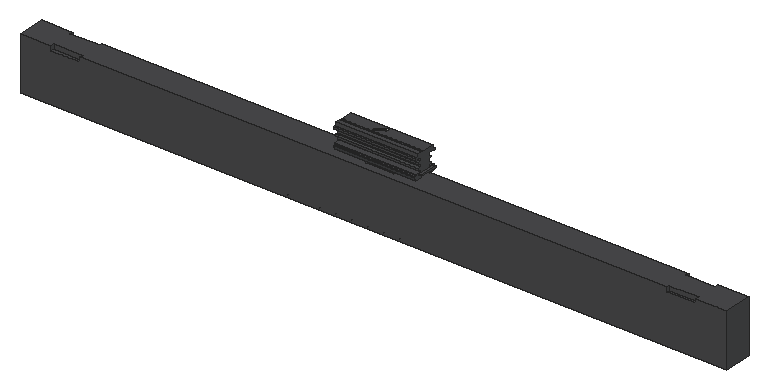
Revit family "DOT SINGLE HEAD RAIL 964_DTM40N9.5", category Luminarias, Revit 2019
Family settings
  Cota de conector redondo = Diámetro de uso
  Tipo de pieza = Normal
  Se basa en plano de trabajo = Sí
  Siempre vertical = Sí
  Corte con vacíos al cargar = No
  Origen de luz = Sí
  Compartido = No
  Punto de cálculo de habitación = No
Parameters (values of type "DOT SINGLE HEAD RAIL 964_DTM40N9.5.1535")
  Ángulo de inclinación = 60.00°
  Zone [instance] = ""
  Watt per fixture = 40
  Wattage = 40 W
  built-in parameter 1150107 = 4000 (stored number, unit not read)
  built-in parameter 1150110 = 1 (stored number, unit not read)
  built-in parameter 1150109 = 1 (stored number, unit not read)
  built-in parameter 1150112 = 1 (stored number, unit not read)
  built-in parameter 1150113 = 1 (stored number, unit not read)
  built-in parameter 1114218 = 1 (stored number, unit not read)
  Keynote = ""
  built-in parameter 1150137 = (empty or 0)
  built-in parameter 1150132 = (empty or 0)
  Modelo = "DTM40N9.5.1535"
  Lámpara = "3030SMD PHILIPS"
  built-in parameter 1150105 = 16634.2 (stored number, unit not read)
  built-in parameter 1150102 = (empty or 0)
  built-in parameter 1150106 = 166.34 (stored number, unit not read)
  Lumens = 3280 lm
  Color Filter = 16777215
  built-in parameter 1114217 = 1 (stored number, unit not read)
  built-in parameter 1150139 = (empty or 0)
  Fabricante = "BRILLANT"
  Default Elevation = 1219.2 mm
  built-in parameter 1150104 = 7.618 (stored number, unit not read)
  Descripción = "LUMINARIA DOWNLIGHT EN FORMATO RECTANGULAR COMPATIBLE CON RIEL DE 6 ENTRADAS Y 3 CIRCUITOS CON CABEZAL PARA PODER DIRIGIR LA LUMINARIA HASTA 30 GRADOS, CUERPO DE ALUMINIO ACABADO EN COLOR NEGRO, IP 20, PESO 2.16Kg, TIPO DE LED 3030SMD PHILIPS CON 40W TOTAL, 3200 LUMENES, 82LM/W, IRC 90, TEMPERATURA EN BLANCO FRIO 4000K, 50 MIL HORAS DE VIDA PROMEDIO, APERTURA ELIPTICA DE 15X35 GRADOS POR PROYECTO, ALIMENTADO A 90-240V"
  built-in parameter 1150115 = 1 (stored number, unit not read)
  built-in parameter 1150114 = 1 (stored number, unit not read)
  Comentarios de vataje = "90-240V"
  built-in parameter 1150138 = (empty or 0)
  built-in parameter 1150134 = 12
  Circuit [instance] = ""
  Dimming Lamp Color Temperature Shift = (empty or 0)
  Archivo de red fotométrica = "L964A-40W-840-B-15X35_IESNA95.IES"
  built-in parameter 1150133 = 10 (stored number, unit not read)
Reference planes
  plane 1 "Centro (Frontal/Posterior)": y = 0
  plane 2: z = 0
  plane 3 "Centro (Izquierda/Derecha)": x = 0
Forms (mm)
  Extrusion 1, solid, material "Default Form"
    sketch origin (0, 0, 0) x (1, 0, 0) y (0, 0, 1)
      loop
        line (-482, 0) -> (-482, -72) -> (482, -72) -> (482, 0) -> (-482, 0)
    from -18.326 to 18.326
  Blend 2, void
    base sketch origin (0, 0, 0) x (1, 0, 0) y (0, 1, 0)
      loop
        line (-162, 16.149) -> (-162, -16.149) -> (-144.14, -16.149) -> (-144.14, 16.149) -> (-162, 16.149)
    top sketch origin (0, 0, 0) x (1, 0, 0) y (0, 1, 0)
      loop
        line (-160, 12.149) -> (-160, -12.149) -> (-146.14, -12.149) -> (-146.14, 12.149) -> (-160, 12.149)
    from -72 to -61.591
  Blend 3, void
    base sketch origin (21.86, 0, 0) x (1, 0, 0) y (0, 1, 0)
      loop
        line (-162, 16.149) -> (-162, -16.149) -> (-144.14, -16.149) -> (-144.14, 16.149) -> (-162, 16.149)
    top sketch origin (21.86, 0, 0) x (1, 0, 0) y (0, 1, 0)
      loop
        line (-160, 12.149) -> (-160, -12.149) -> (-146.14, -12.149) -> (-146.14, 12.149) -> (-160, 12.149)
    from -72 to -61.591
  Blend 4, void
    base sketch origin (43.72, 0, 0) x (1, 0, 0) y (0, 1, 0)
      loop
        line (-162, 16.149) -> (-162, -16.149) -> (-144.14, -16.149) -> (-144.14, 16.149) -> (-162, 16.149)
    top sketch origin (43.72, 0, 0) x (1, 0, 0) y (0, 1, 0)
      loop
        line (-160, 12.149) -> (-160, -12.149) -> (-146.14, -12.149) -> (-146.14, 12.149) -> (-160, 12.149)
    from -72 to -61.591
  Blend 5, void
    base sketch origin (65.58, 0, 0) x (1, 0, 0) y (0, 1, 0)
      loop
        line (-162, 16.149) -> (-162, -16.149) -> (-144.14, -16.149) -> (-144.14, 16.149) -> (-162, 16.149)
    top sketch origin (65.58, 0, 0) x (1, 0, 0) y (0, 1, 0)
      loop
        line (-160, 12.149) -> (-160, -12.149) -> (-146.14, -12.149) -> (-146.14, 12.149) -> (-160, 12.149)
    from -72 to -61.591
  Blend 6, void
    base sketch origin (87.44, 0, 0) x (1, 0, 0) y (0, 1, 0)
      loop
        line (-162, 16.149) -> (-162, -16.149) -> (-144.14, -16.149) -> (-144.14, 16.149) -> (-162, 16.149)
    top sketch origin (87.44, 0, 0) x (1, 0, 0) y (0, 1, 0)
      loop
        line (-160, 12.149) -> (-160, -12.149) -> (-146.14, -12.149) -> (-146.14, 12.149) -> (-160, 12.149)
    from -72 to -61.591
  Blend 7, void
    base sketch origin (109.3, 0, 0) x (1, 0, 0) y (0, 1, 0)
      loop
        line (-162, 16.149) -> (-162, -16.149) -> (-144.14, -16.149) -> (-144.14, 16.149) -> (-162, 16.149)
    top sketch origin (109.3, 0, 0) x (1, 0, 0) y (0, 1, 0)
      loop
        line (-160, 12.149) -> (-160, -12.149) -> (-146.14, -12.149) -> (-146.14, 12.149) -> (-160, 12.149)
    from -72 to -61.591
  Blend 8, void
    base sketch origin (131.16, 0, 0) x (1, 0, 0) y (0, 1, 0)
      loop
        line (-162, 16.149) -> (-162, -16.149) -> (-144.14, -16.149) -> (-144.14, 16.149) -> (-162, 16.149)
    top sketch origin (131.16, 0, 0) x (1, 0, 0) y (0, 1, 0)
      loop
        line (-160, 12.149) -> (-160, -12.149) -> (-146.14, -12.149) -> (-146.14, 12.149) -> (-160, 12.149)
    from -72 to -61.591
  Blend 9, void
    base sketch origin (153.02, 0, 0) x (1, 0, 0) y (0, 1, 0)
      loop
        line (-162, 16.149) -> (-162, -16.149) -> (-144.14, -16.149) -> (-144.14, 16.149) -> (-162, 16.149)
    top sketch origin (153.02, 0, 0) x (1, 0, 0) y (0, 1, 0)
      loop
        line (-160, 12.149) -> (-160, -12.149) -> (-146.14, -12.149) -> (-146.14, 12.149) -> (-160, 12.149)
    from -72 to -61.591
  Blend 10, void
    base sketch origin (174.88, 0, 0) x (1, 0, 0) y (0, 1, 0)
      loop
        line (-162, 16.149) -> (-162, -16.149) -> (-144.14, -16.149) -> (-144.14, 16.149) -> (-162, 16.149)
    top sketch origin (174.88, 0, 0) x (1, 0, 0) y (0, 1, 0)
      loop
        line (-160, 12.149) -> (-160, -12.149) -> (-146.14, -12.149) -> (-146.14, 12.149) -> (-160, 12.149)
    from -72 to -61.591
  Blend 11, void
    base sketch origin (196.74, 0, 0) x (1, 0, 0) y (0, 1, 0)
      loop
        line (-162, 16.149) -> (-162, -16.149) -> (-144.14, -16.149) -> (-144.14, 16.149) -> (-162, 16.149)
    top sketch origin (196.74, 0, 0) x (1, 0, 0) y (0, 1, 0)
      loop
        line (-160, 12.149) -> (-160, -12.149) -> (-146.14, -12.149) -> (-146.14, 12.149) -> (-160, 12.149)
    from -72 to -61.591
  Blend 12, void
    base sketch origin (218.6, 0, 0) x (1, 0, 0) y (0, 1, 0)
      loop
        line (-162, 16.149) -> (-162, -16.149) -> (-144.14, -16.149) -> (-144.14, 16.149) -> (-162, 16.149)
    top sketch origin (218.6, 0, 0) x (1, 0, 0) y (0, 1, 0)
      loop
        line (-160, 12.149) -> (-160, -12.149) -> (-146.14, -12.149) -> (-146.14, 12.149) -> (-160, 12.149)
    from -72 to -61.591
  Blend 13, void
    base sketch origin (240.46, 0, 0) x (1, 0, 0) y (0, 1, 0)
      loop
        line (-162, 16.149) -> (-162, -16.149) -> (-144.14, -16.149) -> (-144.14, 16.149) -> (-162, 16.149)
    top sketch origin (240.46, 0, 0) x (1, 0, 0) y (0, 1, 0)
      loop
        line (-160, 12.149) -> (-160, -12.149) -> (-146.14, -12.149) -> (-146.14, 12.149) -> (-160, 12.149)
    from -72 to -61.591
  Blend 14, void
    base sketch origin (262.32, 0, 0) x (1, 0, 0) y (0, 1, 0)
      loop
        line (-162, 16.149) -> (-162, -16.149) -> (-144.14, -16.149) -> (-144.14, 16.149) -> (-162, 16.149)
    top sketch origin (262.32, 0, 0) x (1, 0, 0) y (0, 1, 0)
      loop
        line (-160, 12.149) -> (-160, -12.149) -> (-146.14, -12.149) -> (-146.14, 12.149) -> (-160, 12.149)
    from -72 to -61.591
  Blend 15, void
    base sketch origin (284.18, 0, 0) x (1, 0, 0) y (0, 1, 0)
      loop
        line (-162, 16.149) -> (-162, -16.149) -> (-144.14, -16.149) -> (-144.14, 16.149) -> (-162, 16.149)
    top sketch origin (284.18, 0, 0) x (1, 0, 0) y (0, 1, 0)
      loop
        line (-160, 12.149) -> (-160, -12.149) -> (-146.14, -12.149) -> (-146.14, 12.149) -> (-160, 12.149)
    from -72 to -61.591
  Blend 16, void
    base sketch origin (306.04, 0, 0) x (1, 0, 0) y (0, 1, 0)
      loop
        line (-162, 16.149) -> (-162, -16.149) -> (-144.14, -16.149) -> (-144.14, 16.149) -> (-162, 16.149)
    top sketch origin (306.04, 0, 0) x (1, 0, 0) y (0, 1, 0)
      loop
        line (-160, 12.149) -> (-160, -12.149) -> (-146.14, -12.149) -> (-146.14, 12.149) -> (-160, 12.149)
    from -72 to -61.591
  Extrusion 17, solid, material "Default Form"
    sketch origin (-55.628, 0, 7.5) x (0, 1, 0) y (0, 0, 1)
      loop
        line (-7.273, 1.74) -> (7.273, 1.74) -> (7.273, 0) -> (15.231, 0) -> (17.006, 4.494) -> (15.021, 4.494) -> (14.058, 5.868) -> (14.058, 7.166) -> (6.473, 7.166) -> (6.473, 9.324) -> (10.169, 10.163) -> (10.169, 12.464) -> (6.473, 13.302) -> (6.473, 16.66) -> (10.169, 17.499) -> (10.169, 19.8) -> (6.473, 20.638) -> (6.473, 25.016) -> (13.839, 25.016) -> (14.514, 24.341) -> (15.775, 24.341) -> (15.775, 27.171) -> (14.73, 27.171) -> (14.058, 26.499) -> (6.473, 26.499) -> (6.473, 27.299) -> (12.377, 27.299) -> (12.377, 31.471) -> (-2.744, 31.471) -> (-2.744, 30.671) -> (-5.514, 30.671) -> (-5.514, 31.471) -> (-12.377, 31.471) -> (-12.377, 27.299) -> (-6.473, 27.299) -> (-6.473, 26.499) -> (-14.058, 26.499) -> (-14.73, 27.171) -> (-15.775, 27.171) -> (-15.775, 24.341) -> (-14.514, 24.341) -> (-13.839, 25.016) -> (-6.473, 25.016) -> (-6.473, 20.638) -> (-10.169, 19.8) -> (-10.169, 17.499) -> (-6.473, 16.66) -> (-6.473, 13.302) -> (-10.169, 12.464) -> (-10.169, 10.163) -> (-6.473, 9.324) -> (-6.473, 7.166) -> (-14.058, 7.166) -> (-14.058, 5.868) -> (-15.021, 4.494) -> (-17.006, 4.494) -> (-15.231, 0) -> (-7.273, 0) -> (-7.273, 1.74)
    from 0 to 111.256
  Extrusion 18, solid, material "Default Form"
    sketch origin (0, 0, 0) x (1, 0, 0) y (0, 1, 0)
      loop
        line (-19.12, 6.873) -> (-19.12, -6.873) -> (19.12, -6.873) -> (19.12, 6.873) -> (-19.12, 6.873)
    from 0 to 2.67
  Extrusion 19, solid, material "Default Form"
    sketch origin (0, 0, 0) x (1, 0, 0) y (0, 1, 0)
      loop
        line (-10.93, 3.188) -> (-10.93, -3.188) -> (10.93, -3.188) -> (10.93, 3.188) -> (-10.93, 3.188)
    from 2.67 to 7.5
  Extrusion 20, void
    sketch origin (0, 0, 0) x (1, 0, 0) y (0, 1, 0)
      loop
        line (-400.28, 18.326) -> (-440, 18.326) -> (-440, 14.276) -> (-400.28, 14.276) -> (-400.28, 18.326)
      loop
        line (-440, -18.326) -> (-400.28, -18.326) -> (-400.28, -14.276) -> (-440, -14.276) -> (-440, -18.326)
      loop
        line (400.28, 18.326) -> (400.28, 14.276) -> (440, 14.276) -> (440, 18.326) -> (400.28, 18.326)
      loop
        line (440, -18.326) -> (440, -14.276) -> (400.28, -14.276) -> (400.28, -18.326) -> (440, -18.326)
    from -6.015 to 0
  Extrusion 21, solid, material "Acero Inoxidable"
    sketch origin (0, -1.594, 0) x (1, 0, 0) y (0, 0, -1)
      loop
        line (-15, -38.971) -> (3.794, -45.811) -> (4.341, -44.308) -> (3.589, -44.034) -> (3.316, -44.786) -> (-12.661, -38.971) -> (-15, -38.971)
    from 0 to 3.188
  Extrusion 22, solid, material "Default Form"
    sketch origin (0, 0, 0) x (1, 0, 0) y (0, 1, 0)
      loop
        line (-55.628, 6.473) -> (-66.331, 6.473) -> (-66.331, 0) -> (-55.628, 0) -> (-55.628, 6.473)
      loop
        line (55.628, 12.377) -> (55.628, -12.149) -> (60.628, -12.149) -> (60.628, 12.377) -> (55.628, 12.377)
    from 13.368 to 15
  Blend 23, void
    base sketch origin (-87.44, 0, 0) x (1, 0, 0) y (0, 1, 0)
      loop
        line (-162, 16.149) -> (-162, -16.149) -> (-144.14, -16.149) -> (-144.14, 16.149) -> (-162, 16.149)
    top sketch origin (-87.44, 0, 0) x (1, 0, 0) y (0, 1, 0)
      loop
        line (-160, 12.149) -> (-160, -12.149) -> (-146.14, -12.149) -> (-146.14, 12.149) -> (-160, 12.149)
    from -72 to -61.591
  Blend 24, void
    base sketch origin (-65.58, 0, 0) x (1, 0, 0) y (0, 1, 0)
      loop
        line (-162, 16.149) -> (-162, -16.149) -> (-144.14, -16.149) -> (-144.14, 16.149) -> (-162, 16.149)
    top sketch origin (-65.58, 0, 0) x (1, 0, 0) y (0, 1, 0)
      loop
        line (-160, 12.149) -> (-160, -12.149) -> (-146.14, -12.149) -> (-146.14, 12.149) -> (-160, 12.149)
    from -72 to -61.591
  Blend 25, void
    base sketch origin (-43.72, 0, 0) x (1, 0, 0) y (0, 1, 0)
      loop
        line (-162, 16.149) -> (-162, -16.149) -> (-144.14, -16.149) -> (-144.14, 16.149) -> (-162, 16.149)
    top sketch origin (-43.72, 0, 0) x (1, 0, 0) y (0, 1, 0)
      loop
        line (-160, 12.149) -> (-160, -12.149) -> (-146.14, -12.149) -> (-146.14, 12.149) -> (-160, 12.149)
    from -72 to -61.591
  Blend 26, void
    base sketch origin (-21.86, 0, 0) x (1, 0, 0) y (0, 1, 0)
      loop
        line (-162, 16.149) -> (-162, -16.149) -> (-144.14, -16.149) -> (-144.14, 16.149) -> (-162, 16.149)
    top sketch origin (-21.86, 0, 0) x (1, 0, 0) y (0, 1, 0)
      loop
        line (-160, 12.149) -> (-160, -12.149) -> (-146.14, -12.149) -> (-146.14, 12.149) -> (-160, 12.149)
    from -72 to -61.591
  Blend 27, void
    base sketch origin (-109.3, 0, 0) x (1, 0, 0) y (0, 1, 0)
      loop
        line (-162, 16.149) -> (-162, -16.149) -> (-144.14, -16.149) -> (-144.14, 16.149) -> (-162, 16.149)
    top sketch origin (-109.3, 0, 0) x (1, 0, 0) y (0, 1, 0)
      loop
        line (-160, 12.149) -> (-160, -12.149) -> (-146.14, -12.149) -> (-146.14, 12.149) -> (-160, 12.149)
    from -72 to -61.591
  Blend 28, void
    base sketch origin (327.9, 0, 0) x (1, 0, 0) y (0, 1, 0)
      loop
        line (-162, 16.149) -> (-162, -16.149) -> (-144.14, -16.149) -> (-144.14, 16.149) -> (-162, 16.149)
    top sketch origin (327.9, 0, 0) x (1, 0, 0) y (0, 1, 0)
      loop
        line (-160, 12.149) -> (-160, -12.149) -> (-146.14, -12.149) -> (-146.14, 12.149) -> (-160, 12.149)
    from -72 to -61.591
  Blend 29, void
    base sketch origin (349.76, 0, 0) x (1, 0, 0) y (0, 1, 0)
      loop
        line (-162, 16.149) -> (-162, -16.149) -> (-144.14, -16.149) -> (-144.14, 16.149) -> (-162, 16.149)
    top sketch origin (349.76, 0, 0) x (1, 0, 0) y (0, 1, 0)
      loop
        line (-160, 12.149) -> (-160, -12.149) -> (-146.14, -12.149) -> (-146.14, 12.149) -> (-160, 12.149)
    from -72 to -61.591
  Blend 30, void
    base sketch origin (371.62, 0, 0) x (1, 0, 0) y (0, 1, 0)
      loop
        line (-162, 16.149) -> (-162, -16.149) -> (-144.14, -16.149) -> (-144.14, 16.149) -> (-162, 16.149)
    top sketch origin (371.62, 0, 0) x (1, 0, 0) y (0, 1, 0)
      loop
        line (-160, 12.149) -> (-160, -12.149) -> (-146.14, -12.149) -> (-146.14, 12.149) -> (-160, 12.149)
    from -72 to -61.591
  Blend 31, void
    base sketch origin (393.48, 0, 0) x (1, 0, 0) y (0, 1, 0)
      loop
        line (-162, 16.149) -> (-162, -16.149) -> (-144.14, -16.149) -> (-144.14, 16.149) -> (-162, 16.149)
    top sketch origin (393.48, 0, 0) x (1, 0, 0) y (0, 1, 0)
      loop
        line (-160, 12.149) -> (-160, -12.149) -> (-146.14, -12.149) -> (-146.14, 12.149) -> (-160, 12.149)
    from -72 to -61.591
  Blend 32, void
    base sketch origin (415.34, 0, 0) x (1, 0, 0) y (0, 1, 0)
      loop
        line (-162, 16.149) -> (-162, -16.149) -> (-144.14, -16.149) -> (-144.14, 16.149) -> (-162, 16.149)
    top sketch origin (415.34, 0, 0) x (1, 0, 0) y (0, 1, 0)
      loop
        line (-160, 12.149) -> (-160, -12.149) -> (-146.14, -12.149) -> (-146.14, 12.149) -> (-160, 12.149)
    from -72 to -61.591
  Blend 33, void
    base sketch origin (-196.74, 0, 0) x (1, 0, 0) y (0, 1, 0)
      loop
        line (-162, 16.149) -> (-162, -16.149) -> (-144.14, -16.149) -> (-144.14, 16.149) -> (-162, 16.149)
    top sketch origin (-196.74, 0, 0) x (1, 0, 0) y (0, 1, 0)
      loop
        line (-160, 12.149) -> (-160, -12.149) -> (-146.14, -12.149) -> (-146.14, 12.149) -> (-160, 12.149)
    from -72 to -61.591
  Blend 34, void
    base sketch origin (-174.88, 0, 0) x (1, 0, 0) y (0, 1, 0)
      loop
        line (-162, 16.149) -> (-162, -16.149) -> (-144.14, -16.149) -> (-144.14, 16.149) -> (-162, 16.149)
    top sketch origin (-174.88, 0, 0) x (1, 0, 0) y (0, 1, 0)
      loop
        line (-160, 12.149) -> (-160, -12.149) -> (-146.14, -12.149) -> (-146.14, 12.149) -> (-160, 12.149)
    from -72 to -61.591
  Blend 35, void
    base sketch origin (-153.02, 0, 0) x (1, 0, 0) y (0, 1, 0)
      loop
        line (-162, 16.149) -> (-162, -16.149) -> (-144.14, -16.149) -> (-144.14, 16.149) -> (-162, 16.149)
    top sketch origin (-153.02, 0, 0) x (1, 0, 0) y (0, 1, 0)
      loop
        line (-160, 12.149) -> (-160, -12.149) -> (-146.14, -12.149) -> (-146.14, 12.149) -> (-160, 12.149)
    from -72 to -61.591
  Blend 36, void
    base sketch origin (-131.16, 0, 0) x (1, 0, 0) y (0, 1, 0)
      loop
        line (-162, 16.149) -> (-162, -16.149) -> (-144.14, -16.149) -> (-144.14, 16.149) -> (-162, 16.149)
    top sketch origin (-131.16, 0, 0) x (1, 0, 0) y (0, 1, 0)
      loop
        line (-160, 12.149) -> (-160, -12.149) -> (-146.14, -12.149) -> (-146.14, 12.149) -> (-160, 12.149)
    from -72 to -61.591
  Blend 37, void
    base sketch origin (-218.6, 0, 0) x (1, 0, 0) y (0, 1, 0)
      loop
        line (-162, 16.149) -> (-162, -16.149) -> (-144.14, -16.149) -> (-144.14, 16.149) -> (-162, 16.149)
    top sketch origin (-218.6, 0, 0) x (1, 0, 0) y (0, 1, 0)
      loop
        line (-160, 12.149) -> (-160, -12.149) -> (-146.14, -12.149) -> (-146.14, 12.149) -> (-160, 12.149)
    from -72 to -61.591
  Blend 38, void
    base sketch origin (437.2, 0, 0) x (1, 0, 0) y (0, 1, 0)
      loop
        line (-162, 16.149) -> (-162, -16.149) -> (-144.14, -16.149) -> (-144.14, 16.149) -> (-162, 16.149)
    top sketch origin (437.2, 0, 0) x (1, 0, 0) y (0, 1, 0)
      loop
        line (-160, 12.149) -> (-160, -12.149) -> (-146.14, -12.149) -> (-146.14, 12.149) -> (-160, 12.149)
    from -72 to -61.591
  Blend 39, void
    base sketch origin (459.06, 0, 0) x (1, 0, 0) y (0, 1, 0)
      loop
        line (-162, 16.149) -> (-162, -16.149) -> (-144.14, -16.149) -> (-144.14, 16.149) -> (-162, 16.149)
    top sketch origin (459.06, 0, 0) x (1, 0, 0) y (0, 1, 0)
      loop
        line (-160, 12.149) -> (-160, -12.149) -> (-146.14, -12.149) -> (-146.14, 12.149) -> (-160, 12.149)
    from -72 to -61.591
  Blend 40, void
    base sketch origin (480.92, 0, 0) x (1, 0, 0) y (0, 1, 0)
      loop
        line (-162, 16.149) -> (-162, -16.149) -> (-144.14, -16.149) -> (-144.14, 16.149) -> (-162, 16.149)
    top sketch origin (480.92, 0, 0) x (1, 0, 0) y (0, 1, 0)
      loop
        line (-160, 12.149) -> (-160, -12.149) -> (-146.14, -12.149) -> (-146.14, 12.149) -> (-160, 12.149)
    from -72 to -61.591
  Blend 41, void
    base sketch origin (502.78, 0, 0) x (1, 0, 0) y (0, 1, 0)
      loop
        line (-162, 16.149) -> (-162, -16.149) -> (-144.14, -16.149) -> (-144.14, 16.149) -> (-162, 16.149)
    top sketch origin (502.78, 0, 0) x (1, 0, 0) y (0, 1, 0)
      loop
        line (-160, 12.149) -> (-160, -12.149) -> (-146.14, -12.149) -> (-146.14, 12.149) -> (-160, 12.149)
    from -72 to -61.591
  Blend 42, void
    base sketch origin (524.64, 0, 0) x (1, 0, 0) y (0, 1, 0)
      loop
        line (-162, 16.149) -> (-162, -16.149) -> (-144.14, -16.149) -> (-144.14, 16.149) -> (-162, 16.149)
    top sketch origin (524.64, 0, 0) x (1, 0, 0) y (0, 1, 0)
      loop
        line (-160, 12.149) -> (-160, -12.149) -> (-146.14, -12.149) -> (-146.14, 12.149) -> (-160, 12.149)
    from -72 to -61.591
Cuts and joins
  Blend 2, Blend 3, Blend 4, Blend 5, Blend 6, Blend 7, Blend 8, Blend 9, Blend 10, Blend 11, Blend 12, Blend 13, Blend 14, Blend 15, Blend 16, Extrusion 20, Blend 23, Blend 24, Blend 25, Blend 26, Blend 27, Blend 28, Blend 29, Blend 30, Blend 31, Blend 32, Blend 33, Blend 34, Blend 35, Blend 36, Blend 37, Blend 38, Blend 39, Blend 40, Blend 41, Blend 42 cuts Extrusion 1
Dimensions and locks
  equal spacing: Extrusion 1, plane 1 "Centro (Frontal/Posterior)", Extrusion 1
  Extrusion 1 to plane 1 "Centro (Frontal/Posterior)" = 18.326 mm
  Extrusion 1 to Extrusion 1 = 36.651 mm
  Extrusion 1 to Extrusion 1 = 72 mm
  Extrusion 1 to Extrusion 1 = 964 mm
  cut or joined group 1 (Extrusion 1, Blend 2, Blend 3, Blend 4, Blend 5, Blend 6, Blend 7, Blend 8, Blend 9, Blend 10, Blend 11, Blend 12, Blend 13, Blend 14, Blend 15, Blend 16, Extrusion 20, Blend 23, Blend 24, Blend 25, Blend 26, Blend 27, Blend 28, Blend 29, Blend 30, Blend 31, Blend 32, Blend 33, Blend 34, Blend 35, Blend 36, Blend 37, Blend 38, Blend 39, Blend 40, Blend 41, Blend 42) to cut or joined group 1 = 72 mm
  cut or joined group 1 to cut or joined group 1 = 36.651 mm
  cut or joined group 1 to cut or joined group 1 = 964 mm
  equal spacing: cut or joined group 1, plane 1 "Centro (Frontal/Posterior)", cut or joined group 1
  cut or joined group 1 to cut or joined group 1 = 42 mm
  aligned and locked: level to plane 2
  aligned and locked: Extrusion 19 to Extrusion 17
  aligned and locked: Extrusion 19 to Extrusion 18
Automatic sketch dimensions
  Extrusion 1 sketch curve to level = 0 mm
  Extrusion 1 sketch curve to level = 72 mm
  Extrusion 1 sketch curve to plane 3 "Centro (Izquierda/Derecha)" = 482 mm
  plane 3 "Centro (Izquierda/Derecha)" to Extrusion 1 sketch curve = 482 mm
  Blend 2 sketch curve to plane 1 "Centro (Frontal/Posterior)" = 16.149 mm
  Blend 2 sketch curve to plane 3 "Centro (Izquierda/Derecha)" = 162 mm
  Blend 2 sketch curve to Blend 2 sketch curve = 17.86 mm
  plane 1 "Centro (Frontal/Posterior)" to Blend 2 sketch curve = 16.149 mm
  Blend 2 sketch curve to plane 1 "Centro (Frontal/Posterior)" = 12.149 mm
  Blend 2 sketch curve to plane 3 "Centro (Izquierda/Derecha)" = 160 mm
  Blend 2 sketch curve to Blend 2 sketch curve = 13.86 mm
  plane 1 "Centro (Frontal/Posterior)" to Blend 2 sketch curve = 12.149 mm
  Blend 3 sketch curve to plane 1 "Centro (Frontal/Posterior)" = 16.149 mm
  Blend 3 sketch curve to plane 3 "Centro (Izquierda/Derecha)" = 140.14 mm
  Blend 3 sketch curve to Blend 3 sketch curve = 17.86 mm
  plane 1 "Centro (Frontal/Posterior)" to Blend 3 sketch curve = 16.149 mm
  Blend 3 sketch curve to plane 1 "Centro (Frontal/Posterior)" = 12.149 mm
  Blend 3 sketch curve to plane 3 "Centro (Izquierda/Derecha)" = 138.14 mm
  Blend 3 sketch curve to Blend 3 sketch curve = 13.86 mm
  plane 1 "Centro (Frontal/Posterior)" to Blend 3 sketch curve = 12.149 mm
  Blend 4 sketch curve to plane 1 "Centro (Frontal/Posterior)" = 16.149 mm
  Blend 4 sketch curve to plane 3 "Centro (Izquierda/Derecha)" = 118.28 mm
  Blend 4 sketch curve to Blend 4 sketch curve = 17.86 mm
  plane 1 "Centro (Frontal/Posterior)" to Blend 4 sketch curve = 16.149 mm
  Blend 4 sketch curve to plane 1 "Centro (Frontal/Posterior)" = 12.149 mm
  Blend 4 sketch curve to plane 3 "Centro (Izquierda/Derecha)" = 116.28 mm
  Blend 4 sketch curve to Blend 4 sketch curve = 13.86 mm
  plane 1 "Centro (Frontal/Posterior)" to Blend 4 sketch curve = 12.149 mm
  Blend 5 sketch curve to plane 1 "Centro (Frontal/Posterior)" = 16.149 mm
  Blend 5 sketch curve to plane 3 "Centro (Izquierda/Derecha)" = 96.42 mm
  Blend 5 sketch curve to Blend 5 sketch curve = 17.86 mm
  plane 1 "Centro (Frontal/Posterior)" to Blend 5 sketch curve = 16.149 mm
  Blend 5 sketch curve to plane 1 "Centro (Frontal/Posterior)" = 12.149 mm
  Blend 5 sketch curve to plane 3 "Centro (Izquierda/Derecha)" = 94.42 mm
  Blend 5 sketch curve to Blend 5 sketch curve = 13.86 mm
  plane 1 "Centro (Frontal/Posterior)" to Blend 5 sketch curve = 12.149 mm
  Blend 6 sketch curve to plane 1 "Centro (Frontal/Posterior)" = 16.149 mm
  Blend 6 sketch curve to plane 3 "Centro (Izquierda/Derecha)" = 74.56 mm
  Blend 6 sketch curve to Blend 6 sketch curve = 17.86 mm
  plane 1 "Centro (Frontal/Posterior)" to Blend 6 sketch curve = 16.149 mm
  Blend 6 sketch curve to plane 1 "Centro (Frontal/Posterior)" = 12.149 mm
  Blend 6 sketch curve to plane 3 "Centro (Izquierda/Derecha)" = 72.56 mm
  Blend 6 sketch curve to Blend 6 sketch curve = 13.86 mm
  plane 1 "Centro (Frontal/Posterior)" to Blend 6 sketch curve = 12.149 mm
  Blend 7 sketch curve to plane 1 "Centro (Frontal/Posterior)" = 16.149 mm
  Blend 7 sketch curve to plane 3 "Centro (Izquierda/Derecha)" = 52.7 mm
  Blend 7 sketch curve to Blend 7 sketch curve = 17.86 mm
  plane 1 "Centro (Frontal/Posterior)" to Blend 7 sketch curve = 16.149 mm
  Blend 7 sketch curve to plane 1 "Centro (Frontal/Posterior)" = 12.149 mm
  Blend 7 sketch curve to plane 3 "Centro (Izquierda/Derecha)" = 50.7 mm
  Blend 7 sketch curve to Blend 7 sketch curve = 13.86 mm
  plane 1 "Centro (Frontal/Posterior)" to Blend 7 sketch curve = 12.149 mm
  Blend 8 sketch curve to plane 3 "Centro (Izquierda/Derecha)" = 30.84 mm
  Blend 8 sketch curve to plane 3 "Centro (Izquierda/Derecha)" = 12.98 mm
  plane 1 "Centro (Frontal/Posterior)" to Blend 8 sketch curve = 16.149 mm
  Blend 8 sketch curve to plane 1 "Centro (Frontal/Posterior)" = 16.149 mm
  Blend 8 sketch curve to plane 1 "Centro (Frontal/Posterior)" = 12.149 mm
  Blend 8 sketch curve to plane 3 "Centro (Izquierda/Derecha)" = 28.84 mm
  Blend 8 sketch curve to Blend 8 sketch curve = 13.86 mm
  plane 1 "Centro (Frontal/Posterior)" to Blend 8 sketch curve = 12.149 mm
  Blend 9 sketch curve to plane 3 "Centro (Izquierda/Derecha)" = 8.98 mm
  plane 3 "Centro (Izquierda/Derecha)" to Blend 9 sketch curve = 8.88 mm
  plane 1 "Centro (Frontal/Posterior)" to Blend 9 sketch curve = 16.149 mm
  Blend 9 sketch curve to plane 1 "Centro (Frontal/Posterior)" = 16.149 mm
  Blend 9 sketch curve to plane 3 "Centro (Izquierda/Derecha)" = 6.98 mm
  plane 3 "Centro (Izquierda/Derecha)" to Blend 9 sketch curve = 6.88 mm
  plane 1 "Centro (Frontal/Posterior)" to Blend 9 sketch curve = 12.149 mm
  Blend 9 sketch curve to plane 1 "Centro (Frontal/Posterior)" = 12.149 mm
  plane 3 "Centro (Izquierda/Derecha)" to Blend 10 sketch curve = 12.88 mm
  Blend 10 sketch curve to Blend 10 sketch curve = 17.86 mm
  plane 1 "Centro (Frontal/Posterior)" to Blend 10 sketch curve = 16.149 mm
  Blend 10 sketch curve to plane 1 "Centro (Frontal/Posterior)" = 16.149 mm
  plane 3 "Centro (Izquierda/Derecha)" to Blend 10 sketch curve = 14.88 mm
  Blend 10 sketch curve to Blend 10 sketch curve = 13.86 mm
  plane 1 "Centro (Frontal/Posterior)" to Blend 10 sketch curve = 12.149 mm
  Blend 10 sketch curve to plane 1 "Centro (Frontal/Posterior)" = 12.149 mm
  Blend 11 sketch curve to plane 1 "Centro (Frontal/Posterior)" = 16.149 mm
  plane 3 "Centro (Izquierda/Derecha)" to Blend 11 sketch curve = 34.74 mm
  Blend 11 sketch curve to Blend 11 sketch curve = 17.86 mm
  plane 1 "Centro (Frontal/Posterior)" to Blend 11 sketch curve = 16.149 mm
  Blend 11 sketch curve to plane 1 "Centro (Frontal/Posterior)" = 12.149 mm
  plane 3 "Centro (Izquierda/Derecha)" to Blend 11 sketch curve = 36.74 mm
  Blend 11 sketch curve to Blend 11 sketch curve = 13.86 mm
  plane 1 "Centro (Frontal/Posterior)" to Blend 11 sketch curve = 12.149 mm
  Blend 12 sketch curve to plane 1 "Centro (Frontal/Posterior)" = 16.149 mm
  plane 3 "Centro (Izquierda/Derecha)" to Blend 12 sketch curve = 56.6 mm
  Blend 12 sketch curve to Blend 12 sketch curve = 17.86 mm
  plane 1 "Centro (Frontal/Posterior)" to Blend 12 sketch curve = 16.149 mm
  Blend 12 sketch curve to plane 1 "Centro (Frontal/Posterior)" = 12.149 mm
  plane 3 "Centro (Izquierda/Derecha)" to Blend 12 sketch curve = 58.6 mm
  Blend 12 sketch curve to Blend 12 sketch curve = 13.86 mm
  plane 1 "Centro (Frontal/Posterior)" to Blend 12 sketch curve = 12.149 mm
  Blend 13 sketch curve to plane 1 "Centro (Frontal/Posterior)" = 16.149 mm
  plane 3 "Centro (Izquierda/Derecha)" to Blend 13 sketch curve = 78.46 mm
  Blend 13 sketch curve to Blend 13 sketch curve = 17.86 mm
  plane 1 "Centro (Frontal/Posterior)" to Blend 13 sketch curve = 16.149 mm
  Blend 13 sketch curve to plane 1 "Centro (Frontal/Posterior)" = 12.149 mm
  plane 3 "Centro (Izquierda/Derecha)" to Blend 13 sketch curve = 80.46 mm
  Blend 13 sketch curve to Blend 13 sketch curve = 13.86 mm
  plane 1 "Centro (Frontal/Posterior)" to Blend 13 sketch curve = 12.149 mm
  Blend 14 sketch curve to plane 1 "Centro (Frontal/Posterior)" = 16.149 mm
  plane 3 "Centro (Izquierda/Derecha)" to Blend 14 sketch curve = 100.32 mm
  Blend 14 sketch curve to Blend 14 sketch curve = 17.86 mm
  plane 1 "Centro (Frontal/Posterior)" to Blend 14 sketch curve = 16.149 mm
  Blend 14 sketch curve to plane 1 "Centro (Frontal/Posterior)" = 12.149 mm
  plane 3 "Centro (Izquierda/Derecha)" to Blend 14 sketch curve = 102.32 mm
  Blend 14 sketch curve to Blend 14 sketch curve = 13.86 mm
  plane 1 "Centro (Frontal/Posterior)" to Blend 14 sketch curve = 12.149 mm
  Blend 15 sketch curve to plane 1 "Centro (Frontal/Posterior)" = 16.149 mm
  plane 3 "Centro (Izquierda/Derecha)" to Blend 15 sketch curve = 122.18 mm
  Blend 15 sketch curve to Blend 15 sketch curve = 17.86 mm
  plane 1 "Centro (Frontal/Posterior)" to Blend 15 sketch curve = 16.149 mm
  Blend 15 sketch curve to plane 1 "Centro (Frontal/Posterior)" = 12.149 mm
  plane 3 "Centro (Izquierda/Derecha)" to Blend 15 sketch curve = 124.18 mm
  Blend 15 sketch curve to Blend 15 sketch curve = 13.86 mm
  plane 1 "Centro (Frontal/Posterior)" to Blend 15 sketch curve = 12.149 mm
  Blend 16 sketch curve to plane 1 "Centro (Frontal/Posterior)" = 16.149 mm
  plane 3 "Centro (Izquierda/Derecha)" to Blend 16 sketch curve = 144.04 mm
  Blend 16 sketch curve to Blend 16 sketch curve = 17.86 mm
  plane 1 "Centro (Frontal/Posterior)" to Blend 16 sketch curve = 16.149 mm
  Blend 16 sketch curve to plane 1 "Centro (Frontal/Posterior)" = 12.149 mm
  plane 3 "Centro (Izquierda/Derecha)" to Blend 16 sketch curve = 146.04 mm
  Blend 16 sketch curve to Blend 16 sketch curve = 13.86 mm
  plane 1 "Centro (Frontal/Posterior)" to Blend 16 sketch curve = 12.149 mm
  plane 1 "Centro (Frontal/Posterior)" to Extrusion 17 sketch curve = 17.006 mm
  plane 1 "Centro (Frontal/Posterior)" to Extrusion 17 sketch curve = 15.775 mm
  level to Extrusion 17 sketch curve = 7.5 mm  (x2)
  Extrusion 17 sketch curve to Extrusion 17 sketch curve = 1.775 mm
  Extrusion 17 sketch curve to Extrusion 17 sketch curve = 1.985 mm  (x2)
  Extrusion 17 sketch curve to Extrusion 17 sketch curve = 1.045 mm
  Extrusion 17 sketch curve to Extrusion 17 sketch curve = 1.261 mm  (x2)
  Extrusion 17 sketch curve to Extrusion 17 sketch curve = 0.963 mm  (x2)
  Extrusion 17 sketch curve to Extrusion 17 sketch curve = 0.672 mm  (x4)
  Extrusion 17 sketch curve to Extrusion 17 sketch curve = 0.675 mm  (x3)
  Extrusion 17 sketch curve to Extrusion 17 sketch curve = 2.354 mm
  Extrusion 17 sketch curve to Extrusion 17 sketch curve = 4.345 mm
  Extrusion 17 sketch curve to Extrusion 17 sketch curve = 3.89 mm  (x2)
  plane 1 "Centro (Frontal/Posterior)" to Extrusion 17 sketch curve = 7.273 mm
  Extrusion 17 sketch curve to Extrusion 17 sketch curve = 3.696 mm  (x4)
  Extrusion 17 sketch curve to Extrusion 17 sketch curve = 5.904 mm  (x2)
  Extrusion 17 sketch curve to Extrusion 17 sketch curve = 0 mm  (x3)
  Extrusion 17 sketch curve to Extrusion 17 sketch curve = 0.959 mm
  plane 1 "Centro (Frontal/Posterior)" to Extrusion 17 sketch curve = 2.744 mm
  Extrusion 17 sketch curve to plane 1 "Centro (Frontal/Posterior)" = 6.473 mm  (x2)
  Extrusion 17 sketch curve to Extrusion 17 sketch curve = 0.8 mm  (x3)
  Extrusion 17 sketch curve to Extrusion 17 sketch curve = 1.462 mm
  Extrusion 17 sketch curve to Extrusion 17 sketch curve = 0.22 mm
  Extrusion 17 sketch curve to Extrusion 17 sketch curve = 0.21 mm
  Extrusion 17 sketch curve to Extrusion 17 sketch curve = 1.74 mm
  Extrusion 17 sketch curve to Extrusion 17 sketch curve = 4.494 mm  (x2)
  Extrusion 17 sketch curve to Extrusion 17 sketch curve = 1.375 mm  (x2)
  Extrusion 17 sketch curve to Extrusion 17 sketch curve = 5.426 mm  (x2)
  Extrusion 17 sketch curve to Extrusion 17 sketch curve = 2.158 mm  (x2)
  Extrusion 17 sketch curve to Extrusion 17 sketch curve = 0.839 mm  (x8)
  Extrusion 17 sketch curve to Extrusion 17 sketch curve = 2.301 mm  (x4)
  Extrusion 17 sketch curve to Extrusion 17 sketch curve = 3.358 mm  (x2)
  Extrusion 17 sketch curve to Extrusion 17 sketch curve = 4.541 mm  (x2)
  Extrusion 17 sketch curve to Extrusion 17 sketch curve = 4.378 mm
  Extrusion 17 sketch curve to Extrusion 17 sketch curve = 1.483 mm  (x2)
  Extrusion 17 sketch curve to Extrusion 17 sketch curve = 3.372 mm
  Extrusion 17 sketch curve to Extrusion 17 sketch curve = 4.172 mm  (x2)
  plane 1 "Centro (Frontal/Posterior)" to Extrusion 18 sketch curve = 6.873 mm
  Extrusion 18 sketch curve to plane 3 "Centro (Izquierda/Derecha)" = 19.12 mm
  plane 3 "Centro (Izquierda/Derecha)" to Extrusion 18 sketch curve = 19.12 mm
  Extrusion 18 sketch curve to plane 1 "Centro (Frontal/Posterior)" = 6.873 mm
  plane 1 "Centro (Frontal/Posterior)" to Extrusion 19 sketch curve = 3.188 mm
  Extrusion 19 sketch curve to plane 3 "Centro (Izquierda/Derecha)" = 10.93 mm
  plane 3 "Centro (Izquierda/Derecha)" to Extrusion 19 sketch curve = 10.93 mm
  Extrusion 19 sketch curve to plane 1 "Centro (Frontal/Posterior)" = 3.188 mm
  plane 1 "Centro (Frontal/Posterior)" to Extrusion 20 sketch curve = 18.326 mm  (x2)
  Extrusion 20 sketch curve to plane 3 "Centro (Izquierda/Derecha)" = 440 mm
  Extrusion 20 sketch curve to Extrusion 20 sketch curve = 0 mm  (x4)
  Extrusion 20 sketch curve to Extrusion 20 sketch curve = 39.72 mm  (x2)
  Extrusion 20 sketch curve to plane 1 "Centro (Frontal/Posterior)" = 18.326 mm
  plane 3 "Centro (Izquierda/Derecha)" to Extrusion 20 sketch curve = 400.28 mm
  Extrusion 20 sketch curve to Extrusion 20 sketch curve = 4.049 mm  (x4)
  Extrusion 20 sketch curve to plane 1 "Centro (Frontal/Posterior)" = 14.276 mm
  Extrusion 21 sketch curve to plane 3 "Centro (Izquierda/Derecha)" = 15 mm
  Extrusion 21 sketch curve to Extrusion 21 sketch curve = 2.339 mm
  plane 3 "Centro (Izquierda/Derecha)" to Extrusion 21 sketch curve = 3.316 mm
  Extrusion 21 sketch curve to Extrusion 21 sketch curve = 0.274 mm
  Extrusion 21 sketch curve to Extrusion 21 sketch curve = 0.478 mm
  Extrusion 21 sketch curve to Extrusion 21 sketch curve = 0.752 mm
  level to Extrusion 21 sketch curve = 45.811 mm
  plane 1 "Centro (Frontal/Posterior)" to Extrusion 22 sketch curve = 0 mm
  Extrusion 22 sketch curve to plane 1 "Centro (Frontal/Posterior)" = 6.473 mm
  Extrusion 22 sketch curve to plane 3 "Centro (Izquierda/Derecha)" = 66.331 mm
  Extrusion 22 sketch curve to Extrusion 22 sketch curve = 10.703 mm
  Extrusion 22 sketch curve to plane 1 "Centro (Frontal/Posterior)" = 12.377 mm
  plane 3 "Centro (Izquierda/Derecha)" to Extrusion 22 sketch curve = 55.628 mm
  Extrusion 22 sketch curve to Extrusion 22 sketch curve = 5 mm
  plane 1 "Centro (Frontal/Posterior)" to Extrusion 22 sketch curve = 12.149 mm
  Blend 23 sketch curve to plane 1 "Centro (Frontal/Posterior)" = 16.149 mm
  Blend 23 sketch curve to plane 3 "Centro (Izquierda/Derecha)" = 249.44 mm
  Blend 23 sketch curve to Blend 23 sketch curve = 17.86 mm
  plane 1 "Centro (Frontal/Posterior)" to Blend 23 sketch curve = 16.149 mm
  Blend 23 sketch curve to plane 1 "Centro (Frontal/Posterior)" = 12.149 mm
  Blend 23 sketch curve to plane 3 "Centro (Izquierda/Derecha)" = 247.44 mm
  Blend 23 sketch curve to Blend 23 sketch curve = 13.86 mm
  plane 1 "Centro (Frontal/Posterior)" to Blend 23 sketch curve = 12.149 mm
  Blend 24 sketch curve to plane 1 "Centro (Frontal/Posterior)" = 16.149 mm
  Blend 24 sketch curve to plane 3 "Centro (Izquierda/Derecha)" = 227.58 mm
  Blend 24 sketch curve to Blend 24 sketch curve = 17.86 mm
  plane 1 "Centro (Frontal/Posterior)" to Blend 24 sketch curve = 16.149 mm
  Blend 24 sketch curve to plane 1 "Centro (Frontal/Posterior)" = 12.149 mm
  Blend 24 sketch curve to plane 3 "Centro (Izquierda/Derecha)" = 225.58 mm
  Blend 24 sketch curve to Blend 24 sketch curve = 13.86 mm
  plane 1 "Centro (Frontal/Posterior)" to Blend 24 sketch curve = 12.149 mm
  Blend 25 sketch curve to plane 1 "Centro (Frontal/Posterior)" = 16.149 mm
  Blend 25 sketch curve to plane 3 "Centro (Izquierda/Derecha)" = 205.72 mm
  Blend 25 sketch curve to Blend 25 sketch curve = 17.86 mm
  plane 1 "Centro (Frontal/Posterior)" to Blend 25 sketch curve = 16.149 mm
  Blend 25 sketch curve to plane 1 "Centro (Frontal/Posterior)" = 12.149 mm
  Blend 25 sketch curve to plane 3 "Centro (Izquierda/Derecha)" = 203.72 mm
  Blend 25 sketch curve to Blend 25 sketch curve = 13.86 mm
  plane 1 "Centro (Frontal/Posterior)" to Blend 25 sketch curve = 12.149 mm
  Blend 26 sketch curve to plane 1 "Centro (Frontal/Posterior)" = 16.149 mm
  Blend 26 sketch curve to plane 3 "Centro (Izquierda/Derecha)" = 183.86 mm
  Blend 26 sketch curve to Blend 26 sketch curve = 17.86 mm
  plane 1 "Centro (Frontal/Posterior)" to Blend 26 sketch curve = 16.149 mm
  Blend 26 sketch curve to plane 1 "Centro (Frontal/Posterior)" = 12.149 mm
  Blend 26 sketch curve to plane 3 "Centro (Izquierda/Derecha)" = 181.86 mm
  Blend 26 sketch curve to Blend 26 sketch curve = 13.86 mm
  plane 1 "Centro (Frontal/Posterior)" to Blend 26 sketch curve = 12.149 mm
  Blend 27 sketch curve to plane 1 "Centro (Frontal/Posterior)" = 16.149 mm
  Blend 27 sketch curve to plane 3 "Centro (Izquierda/Derecha)" = 271.3 mm
  Blend 27 sketch curve to Blend 27 sketch curve = 17.86 mm
  plane 1 "Centro (Frontal/Posterior)" to Blend 27 sketch curve = 16.149 mm
  Blend 27 sketch curve to plane 1 "Centro (Frontal/Posterior)" = 12.149 mm
  Blend 27 sketch curve to plane 3 "Centro (Izquierda/Derecha)" = 269.3 mm
  Blend 27 sketch curve to Blend 27 sketch curve = 13.86 mm
  plane 1 "Centro (Frontal/Posterior)" to Blend 27 sketch curve = 12.149 mm
  Blend 28 sketch curve to plane 1 "Centro (Frontal/Posterior)" = 16.149 mm
  plane 3 "Centro (Izquierda/Derecha)" to Blend 28 sketch curve = 165.9 mm
  Blend 28 sketch curve to Blend 28 sketch curve = 17.86 mm
  plane 1 "Centro (Frontal/Posterior)" to Blend 28 sketch curve = 16.149 mm
  Blend 28 sketch curve to plane 1 "Centro (Frontal/Posterior)" = 12.149 mm
  plane 3 "Centro (Izquierda/Derecha)" to Blend 28 sketch curve = 167.9 mm
  Blend 28 sketch curve to Blend 28 sketch curve = 13.86 mm
  plane 1 "Centro (Frontal/Posterior)" to Blend 28 sketch curve = 12.149 mm
  Blend 29 sketch curve to plane 1 "Centro (Frontal/Posterior)" = 16.149 mm
  plane 3 "Centro (Izquierda/Derecha)" to Blend 29 sketch curve = 187.76 mm
  Blend 29 sketch curve to Blend 29 sketch curve = 17.86 mm
  plane 1 "Centro (Frontal/Posterior)" to Blend 29 sketch curve = 16.149 mm
  Blend 29 sketch curve to plane 1 "Centro (Frontal/Posterior)" = 12.149 mm
  plane 3 "Centro (Izquierda/Derecha)" to Blend 29 sketch curve = 189.76 mm
  Blend 29 sketch curve to Blend 29 sketch curve = 13.86 mm
  plane 1 "Centro (Frontal/Posterior)" to Blend 29 sketch curve = 12.149 mm
  Blend 30 sketch curve to plane 1 "Centro (Frontal/Posterior)" = 16.149 mm
  plane 3 "Centro (Izquierda/Derecha)" to Blend 30 sketch curve = 209.62 mm
  Blend 30 sketch curve to Blend 30 sketch curve = 17.86 mm
  plane 1 "Centro (Frontal/Posterior)" to Blend 30 sketch curve = 16.149 mm
  Blend 30 sketch curve to plane 1 "Centro (Frontal/Posterior)" = 12.149 mm
  plane 3 "Centro (Izquierda/Derecha)" to Blend 30 sketch curve = 211.62 mm
  Blend 30 sketch curve to Blend 30 sketch curve = 13.86 mm
  plane 1 "Centro (Frontal/Posterior)" to Blend 30 sketch curve = 12.149 mm
  Blend 31 sketch curve to plane 1 "Centro (Frontal/Posterior)" = 16.149 mm
  plane 3 "Centro (Izquierda/Derecha)" to Blend 31 sketch curve = 231.48 mm
  Blend 31 sketch curve to Blend 31 sketch curve = 17.86 mm
  plane 1 "Centro (Frontal/Posterior)" to Blend 31 sketch curve = 16.149 mm
  Blend 31 sketch curve to plane 1 "Centro (Frontal/Posterior)" = 12.149 mm
  plane 3 "Centro (Izquierda/Derecha)" to Blend 31 sketch curve = 233.48 mm
  Blend 31 sketch curve to Blend 31 sketch curve = 13.86 mm
  plane 1 "Centro (Frontal/Posterior)" to Blend 31 sketch curve = 12.149 mm
  Blend 32 sketch curve to plane 1 "Centro (Frontal/Posterior)" = 16.149 mm
  plane 3 "Centro (Izquierda/Derecha)" to Blend 32 sketch curve = 253.34 mm
  Blend 32 sketch curve to Blend 32 sketch curve = 17.86 mm
  plane 1 "Centro (Frontal/Posterior)" to Blend 32 sketch curve = 16.149 mm
  Blend 32 sketch curve to plane 1 "Centro (Frontal/Posterior)" = 12.149 mm
  plane 3 "Centro (Izquierda/Derecha)" to Blend 32 sketch curve = 255.34 mm
  Blend 32 sketch curve to Blend 32 sketch curve = 13.86 mm
  plane 1 "Centro (Frontal/Posterior)" to Blend 32 sketch curve = 12.149 mm
  Blend 33 sketch curve to plane 1 "Centro (Frontal/Posterior)" = 16.149 mm
  Blend 33 sketch curve to plane 3 "Centro (Izquierda/Derecha)" = 358.74 mm
  Blend 33 sketch curve to Blend 33 sketch curve = 17.86 mm
  plane 1 "Centro (Frontal/Posterior)" to Blend 33 sketch curve = 16.149 mm
  Blend 33 sketch curve to plane 1 "Centro (Frontal/Posterior)" = 12.149 mm
  Blend 33 sketch curve to plane 3 "Centro (Izquierda/Derecha)" = 356.74 mm
  Blend 33 sketch curve to Blend 33 sketch curve = 13.86 mm
  plane 1 "Centro (Frontal/Posterior)" to Blend 33 sketch curve = 12.149 mm
  Blend 34 sketch curve to plane 1 "Centro (Frontal/Posterior)" = 16.149 mm
  Blend 34 sketch curve to plane 3 "Centro (Izquierda/Derecha)" = 336.88 mm
  Blend 34 sketch curve to Blend 34 sketch curve = 17.86 mm
  plane 1 "Centro (Frontal/Posterior)" to Blend 34 sketch curve = 16.149 mm
  Blend 34 sketch curve to plane 1 "Centro (Frontal/Posterior)" = 12.149 mm
  Blend 34 sketch curve to plane 3 "Centro (Izquierda/Derecha)" = 334.88 mm
  Blend 34 sketch curve to Blend 34 sketch curve = 13.86 mm
  plane 1 "Centro (Frontal/Posterior)" to Blend 34 sketch curve = 12.149 mm
  Blend 35 sketch curve to plane 1 "Centro (Frontal/Posterior)" = 16.149 mm
  Blend 35 sketch curve to plane 3 "Centro (Izquierda/Derecha)" = 315.02 mm
  Blend 35 sketch curve to Blend 35 sketch curve = 17.86 mm
  plane 1 "Centro (Frontal/Posterior)" to Blend 35 sketch curve = 16.149 mm
  Blend 35 sketch curve to plane 1 "Centro (Frontal/Posterior)" = 12.149 mm
  Blend 35 sketch curve to plane 3 "Centro (Izquierda/Derecha)" = 313.02 mm
  Blend 35 sketch curve to Blend 35 sketch curve = 13.86 mm
  plane 1 "Centro (Frontal/Posterior)" to Blend 35 sketch curve = 12.149 mm
  Blend 36 sketch curve to plane 1 "Centro (Frontal/Posterior)" = 16.149 mm
  Blend 36 sketch curve to plane 3 "Centro (Izquierda/Derecha)" = 293.16 mm
  Blend 36 sketch curve to Blend 36 sketch curve = 17.86 mm
  plane 1 "Centro (Frontal/Posterior)" to Blend 36 sketch curve = 16.149 mm
  Blend 36 sketch curve to plane 1 "Centro (Frontal/Posterior)" = 12.149 mm
  Blend 36 sketch curve to plane 3 "Centro (Izquierda/Derecha)" = 291.16 mm
  Blend 36 sketch curve to Blend 36 sketch curve = 13.86 mm
  plane 1 "Centro (Frontal/Posterior)" to Blend 36 sketch curve = 12.149 mm
  Blend 37 sketch curve to plane 1 "Centro (Frontal/Posterior)" = 16.149 mm
  Blend 37 sketch curve to plane 3 "Centro (Izquierda/Derecha)" = 380.6 mm
  Blend 37 sketch curve to Blend 37 sketch curve = 17.86 mm
  plane 1 "Centro (Frontal/Posterior)" to Blend 37 sketch curve = 16.149 mm
  Blend 37 sketch curve to plane 1 "Centro (Frontal/Posterior)" = 12.149 mm
  Blend 37 sketch curve to plane 3 "Centro (Izquierda/Derecha)" = 378.6 mm
  Blend 37 sketch curve to Blend 37 sketch curve = 13.86 mm
  plane 1 "Centro (Frontal/Posterior)" to Blend 37 sketch curve = 12.149 mm
  Blend 38 sketch curve to plane 1 "Centro (Frontal/Posterior)" = 16.149 mm
  plane 3 "Centro (Izquierda/Derecha)" to Blend 38 sketch curve = 275.2 mm
  Blend 38 sketch curve to Blend 38 sketch curve = 17.86 mm
  plane 1 "Centro (Frontal/Posterior)" to Blend 38 sketch curve = 16.149 mm
  Blend 38 sketch curve to plane 1 "Centro (Frontal/Posterior)" = 12.149 mm
  plane 3 "Centro (Izquierda/Derecha)" to Blend 38 sketch curve = 277.2 mm
  Blend 38 sketch curve to Blend 38 sketch curve = 13.86 mm
  plane 1 "Centro (Frontal/Posterior)" to Blend 38 sketch curve = 12.149 mm
  Blend 39 sketch curve to plane 1 "Centro (Frontal/Posterior)" = 16.149 mm
  plane 3 "Centro (Izquierda/Derecha)" to Blend 39 sketch curve = 297.06 mm
  Blend 39 sketch curve to Blend 39 sketch curve = 17.86 mm
  plane 1 "Centro (Frontal/Posterior)" to Blend 39 sketch curve = 16.149 mm
  Blend 39 sketch curve to plane 1 "Centro (Frontal/Posterior)" = 12.149 mm
  plane 3 "Centro (Izquierda/Derecha)" to Blend 39 sketch curve = 299.06 mm
  Blend 39 sketch curve to Blend 39 sketch curve = 13.86 mm
  plane 1 "Centro (Frontal/Posterior)" to Blend 39 sketch curve = 12.149 mm
  Blend 40 sketch curve to plane 1 "Centro (Frontal/Posterior)" = 16.149 mm
  plane 3 "Centro (Izquierda/Derecha)" to Blend 40 sketch curve = 318.92 mm
  Blend 40 sketch curve to Blend 40 sketch curve = 17.86 mm
  plane 1 "Centro (Frontal/Posterior)" to Blend 40 sketch curve = 16.149 mm
  Blend 40 sketch curve to plane 1 "Centro (Frontal/Posterior)" = 12.149 mm
  plane 3 "Centro (Izquierda/Derecha)" to Blend 40 sketch curve = 320.92 mm
  Blend 40 sketch curve to Blend 40 sketch curve = 13.86 mm
  plane 1 "Centro (Frontal/Posterior)" to Blend 40 sketch curve = 12.149 mm
  Blend 41 sketch curve to plane 1 "Centro (Frontal/Posterior)" = 16.149 mm
  plane 3 "Centro (Izquierda/Derecha)" to Blend 41 sketch curve = 340.78 mm
  Blend 41 sketch curve to Blend 41 sketch curve = 17.86 mm
  plane 1 "Centro (Frontal/Posterior)" to Blend 41 sketch curve = 16.149 mm
  Blend 41 sketch curve to plane 1 "Centro (Frontal/Posterior)" = 12.149 mm
  plane 3 "Centro (Izquierda/Derecha)" to Blend 41 sketch curve = 342.78 mm
  Blend 41 sketch curve to Blend 41 sketch curve = 13.86 mm
  plane 1 "Centro (Frontal/Posterior)" to Blend 41 sketch curve = 12.149 mm
  Blend 42 sketch curve to plane 1 "Centro (Frontal/Posterior)" = 16.149 mm
  plane 3 "Centro (Izquierda/Derecha)" to Blend 42 sketch curve = 362.64 mm
  Blend 42 sketch curve to Blend 42 sketch curve = 17.86 mm
  plane 1 "Centro (Frontal/Posterior)" to Blend 42 sketch curve = 16.149 mm
  Blend 42 sketch curve to plane 1 "Centro (Frontal/Posterior)" = 12.149 mm
  plane 3 "Centro (Izquierda/Derecha)" to Blend 42 sketch curve = 364.64 mm
  Blend 42 sketch curve to Blend 42 sketch curve = 13.86 mm
  plane 1 "Centro (Frontal/Posterior)" to Blend 42 sketch curve = 12.149 mm
Connectors
  electrical at (0, 0, 0)
    settings: on cut or joined group 1, index 1, voltage 240 V, apparent load 0 VA, apparent load phase1 0 VA, apparent load phase2 0 VA, apparent load phase3 0 VA, power factor 1, load classification "Otro", number of poles 1, system type 31, power factor state 1, is connector primary yes, connector utility no, sub classification motor no, connector description ""
